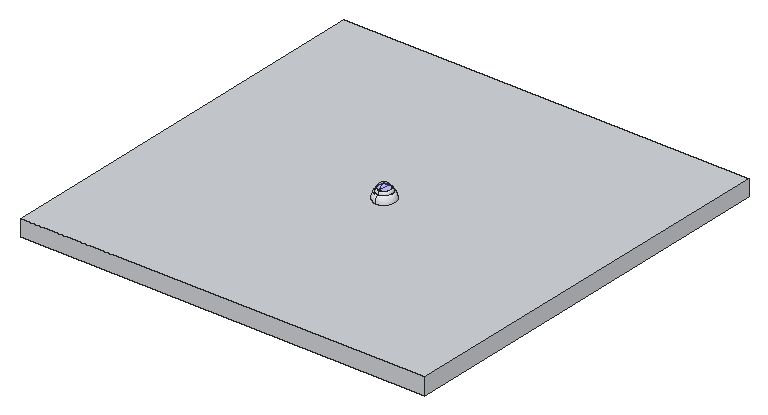
Revit family "BEG-92740", category Dispositifs d'éclairage, Revit 2015
Parameters
  Detection zone [instance] = yes
  Seat area [instance] = Height position < 351 cm  # yes
  URL = "http://www.luxomat.com/en-92740"
  Type of output = "SWITCH"
  Ambiant temperature = "-25°C to +50°C"
  Ref = "92740"
  Relay = "16A"
  Height position [instance] = 250 cm
  Direct Range [instance] = Height position * 3.2  # 800 cm
  Transversal range [instance] = Height position * 9.6  # 2400 cm
  Modèle = "PD4-M-3C-TRIO-SM"
  Installation type = "Ceiling"
  Brand = "LUXOMAT"
  Image du type = 92751.jpg
  IP = "20"
  Mounting height max = Installation height max  # 350 cm
  Installation height max = 350 cm
  Fabricant = "B.E.G"
  Label [instance] = yes
  Default Elevation = 0 cm
  Consumption = "0,58W"
  Commentaires du type = "Occupancy detector PD4-M-3C-TRIO-SM"
  Code d'assemblage = "D5010200"
  Class = "2"
  Switching power LED = "300W"
  Switching power Cos ɸ =1 = "3000W"
  Switching power Cos ɸ =0,5 = "1500VA"
  Power voltage = "110-240 V AC"
  Seated activity [instance] = Height position * 2.56  # 640 cm
Reference planes (cm)
  plane 1 "Centre (avant/arrière)": y = 0
  plane 2: z = 0
  plane 3 "Centre (gauche/droite)": x = 0
Forms (cm)
  Extrusion 1, solid
    sketch origin (0, 0, 0) x (1, 0, 0) y (0, 1, 0)
      loop
        line (-121.92, 121.92) -> (-121.92, -121.92) -> (121.92, -121.92) -> (121.92, 121.92) -> (-121.92, 121.92)
    from 0 to -10
Dimensions and locks (cm)
  aligned and locked: plane 2 to Extrusion 1
  aligned and locked: level to Extrusion 1
  aligned and locked: nested 2 to plane 2
Nested families (cm)
  nested 1: "Famille1" at (0, -72.6659, 0) x (-1, 0, 0) z (0, 0, 1), reference <- "Ref", modele <- "Modèle", visible <- "Label", type "Famille1"
    with reference "92740", modele "PD4-M-3C-TRIO-SM"
  nested 2: "M17" at (0, 0, 0), type "Standard"
  nested 3: "zone H" at (0, 0, 0) x (-1, 0, 0) z (0, 0, 1), visible <- "Detection zone", biais <- "Transversal range", frontal <- "Direct Range", activité assise <- "Seated activity", Zone assise <- "Seat area", type "zone H"
    with position 2 320 cm, position 1 960 cm, frontal 800 cm, biais 2400 cm, activité assise 640 cm, Zone assise yes
  nested 4: "Plafond 360° 2D" at (0, 0, 0), type "Plafond 360° 2D"
Connectors (cm)
  electrical at (0, 0, 0)
    settings: on nested 2, index 1, voltage 240 V, apparent load 0 VA, apparent load phase1 0 VA, apparent load phase2 0 VA, apparent load phase3 0 VA, power factor 1, load classification "Eclairage", number of poles 1, system type 31, power factor state 1, is connector primary yes, connector utility no, sub classification motor no, connector description ""
Definition of nested family "M17"
  Reference planes (cm)
    plane 1 "Centre (avant/arrière)": y = 0
    plane 2: z = 0
    plane 3 "Centre (gauche/droite)": x = 0
    plane 4: x = 0
  Forms (cm)
    Revolve 1, solid
      sketch origin (0, 0, 0) x (0, -1, 0) y (0, 0, 1)
        loop
          line (0, 0) -> (0, 5.75) -> (-3.85, 5.75)
          arc (-3.85, 5.75) -> (-4.2917, 5.0342) -> (-4.4, 4.2) r 2
          line (-4.4, 4.2) -> (-5.05, 4.2)
          arc (-5.05, 4.2) -> (-6.0341, 2.212) -> (-6.2, 0) r 5.8
          line (-6.2, 0) -> (0, 0)
        axis (0, 0) -> (0, 5.75)
      angle from 0 to 360
    Revolve 2, solid
      sketch origin (0, 0, 0) x (0, -1, 0) y (0, 0, 1)
        loop
          arc (0, 8.5) -> (-2.2453, 7.7321) -> (-3.55, 5.75) r 3.6664
          line (-3.55, 5.75) -> (0, 5.75) -> (0, 8.5)
        axis (0, 5.75) -> (0, 8.5)
      angle from 0 to 360
  Lines and regions (cm)
    reference lines
      curve 1: line (0, 0, 0) -> (0, 0, 8.5)
      curve 2: line (0, 0, 5.75) -> (0, 3.85, 5.75)
      curve 3: arc (0, 3.85, 5.75) -> (0, 4.2917, 5.0342) -> (0, 4.4, 4.2) r 2
      curve 4: line (0, 4.4, 4.2) -> (0, 5.05, 4.2)
      curve 5: arc (0, 5.05, 4.2) -> (0, 6.0341, 2.212) -> (0, 6.2, 0) r 5.8
      curve 6: line (0, 0, 0) -> (0, 6.2, 0)
      curve 7: arc (0, 0, 8.5) -> (0, 2.2453, 7.7321) -> (0, 3.55, 5.75) r 3.6664
      curve 8: line (0, 3.55, 5.75) -> (0, 0, 5.75)
      curve 9: line (0, 0, 8.5) -> (0, 0, 5.75)
      curve 10: line (0, 0, 0) -> (0, 0, 8.5)
  Dimensions and locks (cm)
    aligned and locked: level to plane 2
    aligned and locked: Revolve 1 sketch curve to curve 1  (x2)
    aligned and locked: Revolve 1 sketch curve to curve 2
    aligned and locked: Revolve 1 sketch curve to curve 3
    aligned and locked: Revolve 1 sketch curve to curve 4
    aligned and locked: Revolve 1 sketch curve to curve 5
    aligned and locked: Revolve 1 sketch curve to curve 6
    aligned and locked: Revolve 2 sketch curve to curve 7
    aligned and locked: Revolve 2 sketch curve to curve 8
    aligned and locked: Revolve 2 sketch curve to curve 9
    aligned and locked: Revolve 2 sketch curve to curve 10
Definition of nested family "Famille1"
  Parameters (values of type "Famille1")
    reference [instance] = ""
    modele [instance] = ""
  Reference planes (cm)
    plane 1: y = 0
    plane 2: x = 0
  Text (cm)
    label "reference\n\nmodele" at (0.0074, 0.0451, 0), shows "reference", "modele"
Definition of nested family "zone H"
  Parameters (values of type "zone H")
    position 2 [instance] = (frontal / 2) * 0.8  # 320 cm
    position 1 [instance] = (biais / 2) * 0.8  # 960 cm
    frontal [instance] = 800 cm
    biais [instance] = 2400 cm
    activité assise [instance] = 640 cm
    Zone assise [instance] = yes
  Reference planes (cm)
    plane 1 "Centre (avant/arrière)": y = 0
    plane 2: z = 0
    plane 3 "Centre (gauche/droite)": x = 0
    plane 4: x = -960
    plane 5: y = -320
  Lines and regions (cm)
    detail lines, in view "Niveau de réf.", visible <- "Zone assise"
      curve 1: circle (0, 0, 0) r 320 normal (0, 0, 1)
      curve 4: spline (-105.2767, 3.2118, 0) -> (-104.9106, 3.0586, 0) -> (-103.8375, 2.9158, 0) -> (-102.1303, 2.7932, 0) -> (-99.9055, 2.6991, 0) -> (-97.3146, 2.6399, 0) -> (-94.5343, 2.6198, 0) -> (-91.7539, 2.6399, 0) -> (-89.163, 2.6991, 0) -> (-86.9382, 2.7932, 0) -> (-85.231, 2.9158, 0) -> (-84.1579, 3.0586, 0) -> (-83.7918, 3.2118, 0) -> (-84.1579, 3.365, 0) -> (-85.231, 3.5078, 0) -> (-86.9382, 3.6305, 0) -> (-89.163, 3.7245, 0) -> (-91.7539, 3.7837, 0) -> (-94.5343, 3.8039, 0) -> (-97.3146, 3.7837, 0) -> (-99.9055, 3.7245, 0) -> (-102.1303, 3.6305, 0) -> (-103.8375, 3.5078, 0) -> (-104.9106, 3.365, 0) -> (-105.2767, 3.2118, 0)
      curve 5: line (-105.2767, 3.2118, 0) -> (-103.7271, 3.5181, 0)
      curve 6: arc (-102.6495, -16.5888, 0) -> (-107.2915, -17.186, 0) -> (-111.6311, -18.9388, 0) r 18.3388
      curve 7: arc (-111.6311, -18.9388, 0) -> (-111.6982, -19.0046, 0) -> (-111.7229, -19.0953, 0) r 0.1799
      curve 8: arc (-102.4571, -17.1805, 0) -> (-106.7473, -17.5804, 0) -> (-110.8538, -18.8852, 0) r 20.1051
      curve 9: arc (-110.8538, -18.8852, 0) -> (-111.0396, -18.979, 0) -> (-111.2122, -19.0953, 0) r 1.6679
      curve 10: circle (-111.4676, -19.8292, 0) r 0.5096 normal (0, 0, 1)
      curve 11: arc (-110.898, -19.8292, 0) -> (-111.4676, -19.2597, 0) -> (-112.0372, -19.8292, 0) r 0.5696
      curve 12: arc (-110.838, -19.8292, 0) -> (-111.4676, -19.1997, 0) -> (-112.0972, -19.8292, 0) r 0.6296
      curve 13: arc (-86.4191, -16.5888, 0) -> (-81.7771, -17.186, 0) -> (-77.4374, -18.9388, 0) r 18.3388
      curve 14: arc (-77.4374, -18.9388, 0) -> (-77.3704, -19.0046, 0) -> (-77.3456, -19.0953, 0) r 0.1799
      curve 15: arc (-86.6114, -17.1805, 0) -> (-82.3212, -17.5804, 0) -> (-78.2147, -18.8852, 0) r 20.1051
      curve 16: arc (-78.2147, -18.8852, 0) -> (-78.0289, -18.979, 0) -> (-77.8563, -19.0953, 0) r 1.6679
      curve 17: circle (-77.6009, -19.8292, 0) r 0.5096 normal (0, 0, 1)
      curve 18: arc (-77.0314, -19.8292, 0) -> (-77.6009, -19.2597, 0) -> (-78.1705, -19.8292, 0) r 0.5696
      curve 19: arc (-76.9714, -19.8292, 0) -> (-77.6009, -19.1997, 0) -> (-78.2305, -19.8292, 0) r 0.6296
      curve 20: arc (-95.2593, -16.5888, 0) -> (-98.9871, -17.441, 0) -> (-102.5056, -18.9388, 0) r 21.5424
      curve 21: arc (-102.5056, -18.9388, 0) -> (-102.5726, -19.0046, 0) -> (-102.5974, -19.0953, 0) r 0.1799
      curve 22: arc (-95.2593, -17.1805, 0) -> (-98.5536, -17.8061, 0) -> (-101.7283, -18.8852, 0) r 23.9713
      curve 23: arc (-101.7283, -18.8852, 0) -> (-101.911, -18.9772, 0) -> (-102.081, -19.0909, 0) r 1.6679
      curve 24: arc (-95.0229, -17.1805, 0) -> (-98.2689, -17.8294, 0) -> (-101.4063, -18.8852, 0) r 26.0219
      curve 25: arc (-101.4063, -18.8852, 0) -> (-101.592, -18.979, 0) -> (-101.7647, -19.0953, 0) r 1.6679
      curve 26: circle (-102.181, -19.8292, 0) r 0.5096 normal (0, 0, 1)
      curve 27: arc (-101.6114, -19.8292, 0) -> (-102.181, -19.2597, 0) -> (-102.7506, -19.8292, 0) r 0.5696
      curve 28: arc (-101.5514, -19.8292, 0) -> (-102.181, -19.1997, 0) -> (-102.8106, -19.8292, 0) r 0.6296
      curve 29: arc (-93.8092, -16.5888, 0) -> (-90.0814, -17.441, 0) -> (-86.5629, -18.9388, 0) r 21.5424
      curve 30: arc (-86.5629, -18.9388, 0) -> (-86.4959, -19.0046, 0) -> (-86.4711, -19.0953, 0) r 0.1799
      curve 31: arc (-93.8092, -17.1805, 0) -> (-90.5149, -17.8061, 0) -> (-87.3402, -18.8852, 0) r 23.9713
      curve 32: arc (-87.3402, -18.8852, 0) -> (-87.1544, -18.979, 0) -> (-86.9818, -19.0953, 0) r 1.6679
      curve 33: arc (-94.0457, -17.1805, 0) -> (-90.7996, -17.8294, 0) -> (-87.6622, -18.8852, 0) r 26.0219
      curve 34: arc (-87.6622, -18.8852, 0) -> (-87.4765, -18.979, 0) -> (-87.3039, -19.0953, 0) r 1.6679
      curve 35: circle (-86.8875, -19.8292, 0) r 0.5096 normal (0, 0, 1)
      curve 36: arc (-86.3179, -19.8292, 0) -> (-86.8875, -19.2597, 0) -> (-87.4571, -19.8292, 0) r 0.5696
      curve 37: arc (-86.2579, -19.8292, 0) -> (-86.8875, -19.1997, 0) -> (-87.5171, -19.8292, 0) r 0.6296
      curve 38: arc (-103.0079, 8.8705, 0) -> (-101.8776, 5.8173, 0) -> (-98.8653, 4.5819, 0) r 4.0512
      curve 39: arc (-83.7186, 4.2269, 0) -> (-82.9538, 3.7817, 0) -> (-82.7946, 2.9112, 0) r 1.0582
      curve 40: arc (-82.7946, 2.9112, 0) -> (-84.0889, -6.227, 0) -> (-84.0703, -15.4564, 0) r 64.7189
      curve 41: arc (-84.0703, -15.4564, 0) -> (-83.933, -16.0031, 0) -> (-83.4527, -16.2981, 0) r 0.7467
      curve 42: arc (-83.4527, -16.2981, 0) -> (-80.3714, -16.8717, 0) -> (-77.238, -16.9405, 0) r 19.3577
      curve 43: arc (-77.238, -16.9405, 0) -> (-77.6363, -16.4391, 0) -> (-78.2461, -16.244, 0) r 1.1013
      curve 44: arc (-78.2461, -16.244, 0) -> (-80.4274, -15.8096, 0) -> (-82.5587, -15.1742, 0) r 23.8747
      curve 45: arc (-82.5587, -15.1742, 0) -> (-81.6045, -6.5488, 0) -> (-80.848, 2.0961, 0) r 379.1961
      curve 46: arc (-80.848, 2.0961, 0) -> (-81.0708, 4.8418, 0) -> (-83.0581, 6.7494, 0) r 3.8846
      curve 47: arc (-83.0581, 6.7494, 0) -> (-89.2141, 8.8147, 0) -> (-95.6542, 9.6431, 0) r 33.2193
      curve 48: arc (-95.6542, 9.6431, 0) -> (-94.8516, 17.305, 0) -> (-94.8609, 25.0089, 0) r 72.9952
      curve 49: arc (-95.1116, 28.28, 0) -> (-95.2196, 29.2958, 0) -> (-95.3418, 30.31, 0) r 72.9952
      curve 50: arc (-98.1747, 30.0752, 0) -> (-100.3426, 29.2913, 0) -> (-99.4886, 27.1501, 0) r 1.6042
      curve 51: arc (-95.3418, 30.31, 0) -> (-98.7298, 32.2574, 0) -> (-102.1179, 30.31, 0) r 3.9209
      curve 52: arc (-68.8418, 20.3177, 0) -> (-68.8537, 20.2265, 0) -> (-68.9411, 20.2549, 0) r 0.0597
      curve 53: arc (-70.9776, 20.5408, 0) -> (-70.9496, 20.3832, 0) -> (-71.1082, 20.3621, 0) r 0.1108
      curve 54: spline (-98.8908, 41.6409, 0) -> (-97.9793, 41.5103, 0) -> (-97.1229, 41.0855, 0) -> (-96.38, 40.3954, 0) -> (-95.8012, 39.4871, 0) -> (-95.426, 38.4224, 0) -> (-95.2799, 37.274, 0) -> (-95.3728, 36.12, 0) -> (-95.6985, 35.0392, 0) -> (-96.2348, 34.1051, 0) -> (-96.945, 33.3815, 0) -> (-97.7809, 32.9176, 0) -> (-98.6854, 32.7451, 0) -> (-99.5969, 32.8757, 0) -> (-100.4532, 33.3005, 0) -> (-101.1961, 33.9906, 0) -> (-101.7749, 34.8989, 0) -> (-102.1502, 35.9636, 0) -> (-102.2963, 37.112, 0) -> (-102.2033, 38.266, 0) -> (-101.8776, 39.3468, 0) -> (-101.3414, 40.2809, 0) -> (-100.6311, 41.0045, 0) -> (-99.7953, 41.4684, 0) -> (-98.8908, 41.6409, 0)
      curve 55: line (-74.1608, -20.3388, 0) -> (-33.3759, -20.3388, 0)
      curve 56: line (-33.3759, -20.3388, 0) -> (-33.3759, 18.6681, 0)
      curve 57: line (-33.3759, 18.6681, 0) -> (-74.1608, 18.6681, 0)
      curve 58: line (-74.1608, 18.6681, 0) -> (-74.1608, -20.3388, 0)
      curve 59: line (-74.1608, -20.3388, 0) -> (-120.7181, -20.3388, 0)
      curve 60: line (-80.1025, 18.6681, 0) -> (-27.4342, 18.6681, 0)
      curve 61: line (-27.4342, 18.6681, 0) -> (-27.4342, 20.1345, 0)
      curve 62: line (-27.4342, 20.1345, 0) -> (-80.1025, 20.1345, 0)
      curve 63: line (-80.1025, 20.1345, 0) -> (-80.1025, 18.6681, 0)
      curve 64: line (-95.5223, 2.6198, 0) -> (-93.5462, 2.6198, 0)
      curve 65: line (-93.5462, 2.6198, 0) -> (-93.5462, -16.5888, 0)
      curve 66: line (-93.5462, -16.5888, 0) -> (-95.5223, -16.5888, 0)
      curve 67: line (-95.5223, -16.5888, 0) -> (-95.5223, 2.6198, 0)
      curve 68: line (-95.5223, -16.5888, 0) -> (-102.6495, -16.5888, 0)
      curve 69: line (-111.7229, -19.0953, 0) -> (-111.2122, -19.0953, 0)
      curve 70: line (-93.8092, -16.5888, 0) -> (-94.0457, -17.1805, 0)
      curve 71: line (-94.0457, -17.1805, 0) -> (-93.8092, -17.1805, 0)
      curve 72: line (-93.8092, -17.1805, 0) -> (-94.5343, -17.1805, 0)
      curve 73: line (-94.5343, -17.1805, 0) -> (-95.2593, -17.1805, 0)
      curve 74: line (-95.2593, -17.1805, 0) -> (-95.0229, -17.1805, 0)
      curve 75: line (-95.0229, -17.1805, 0) -> (-95.2593, -16.5888, 0)
      curve 76: line (-98.1226, -17.1805, 0) -> (-102.4571, -17.1805, 0)
      curve 77: line (-112.0372, -19.8292, 0) -> (-112.0972, -19.8292, 0)
      curve 78: line (-110.898, -19.8292, 0) -> (-110.838, -19.8292, 0)
      curve 79: line (-111.3676, -19.2076, 0) -> (-111.3676, -19.0953, 0)
      curve 80: line (-111.5676, -19.2076, 0) -> (-111.5676, -19.0953, 0)
      curve 81: line (-93.5462, -16.5888, 0) -> (-86.4191, -16.5888, 0)
      curve 82: line (-77.3456, -19.0953, 0) -> (-77.8563, -19.0953, 0)
      curve 83: line (-90.9459, -17.1805, 0) -> (-86.6114, -17.1805, 0)
      curve 84: line (-77.0314, -19.8292, 0) -> (-76.9714, -19.8292, 0)
      curve 85: line (-78.1705, -19.8292, 0) -> (-78.2305, -19.8292, 0)
      curve 86: line (-77.7009, -19.2076, 0) -> (-77.7009, -19.0953, 0)
      curve 87: line (-77.5009, -19.2076, 0) -> (-77.5009, -19.0953, 0)
      curve 88: line (-102.5974, -19.0953, 0) -> (-101.7647, -19.0953, 0)
      curve 89: line (-102.7506, -19.8292, 0) -> (-102.8106, -19.8292, 0)
      curve 90: line (-101.6114, -19.8292, 0) -> (-101.5514, -19.8292, 0)
      curve 91: line (-102.081, -19.2076, 0) -> (-102.081, -19.0909, 0)
      curve 92: line (-102.281, -19.2076, 0) -> (-102.281, -19.0953, 0)
      curve 93: line (-86.4711, -19.0953, 0) -> (-87.3039, -19.0953, 0)
      curve 94: line (-86.3179, -19.8292, 0) -> (-86.2579, -19.8292, 0)
      curve 95: line (-87.4571, -19.8292, 0) -> (-87.5171, -19.8292, 0)
      curve 96: line (-86.9875, -19.2076, 0) -> (-86.9875, -19.0953, 0)
      curve 97: line (-86.7875, -19.2076, 0) -> (-86.7875, -19.0953, 0)
      curve 98: line (-98.8653, 4.5819, 0) -> (-83.7186, 4.2269, 0)
      curve 99: line (-103.0079, 8.8705, 0) -> (-102.1179, 30.31, 0)
      curve 100: line (-98.1747, 30.0752, 0) -> (-85.3255, 22.5448, 0)
      curve 101: line (-85.3255, 22.5448, 0) -> (-74.2929, 21.667, 0)
      curve 102: line (-74.2929, 21.667, 0) -> (-71.6033, 21.7219, 0)
      curve 103: line (-71.6033, 21.7219, 0) -> (-69.7371, 21.2829, 0)
      curve 104: line (-69.7371, 21.2829, 0) -> (-68.8418, 20.3177, 0)
      curve 105: line (-68.9411, 20.2549, 0) -> (-69.7808, 21.0896, 0)
      curve 106: line (-69.7808, 21.0896, 0) -> (-71.6115, 21.2989, 0)
      curve 107: line (-71.6115, 21.2989, 0) -> (-72.0159, 21.0248, 0)
      curve 108: line (-72.0159, 21.0248, 0) -> (-70.9776, 20.5408, 0)
      curve 109: line (-71.1082, 20.3621, 0) -> (-72.6656, 20.8949, 0)
      curve 110: line (-72.6656, 20.8949, 0) -> (-74.496, 20.6558, 0)
      curve 111: line (-74.496, 20.6558, 0) -> (-86.0144, 20.9158, 0)
      curve 112: line (-86.0144, 20.9158, 0) -> (-99.4886, 27.1501, 0)
      curve 113: line (-99.8644, 32.9741, 0) -> (-99.9944, 32.0479, 0)
      curve 114: line (-97.5142, 33.0301, 0) -> (-97.3718, 32.0147, 0)
      curve 115: line (-33.3759, -20.3388, 0) -> (-21.8014, -20.3388, 0)
    detail lines, in view "Niveau de réf."
      curve 2: circle (0, 0, 0) r 400 normal (0, 0, 1)
      curve 3: circle (0, 0, 0) r 1200 normal (0, 0, 1)
      curve 116: spline (2.3068, -347.7265, 0) -> (4.0856, -347.3949, 0) -> (5.7432, -346.4226, 0) -> (7.1667, -344.876, 0) -> (8.2589, -342.8603, 0) -> (8.9455, -340.5131, 0) -> (9.1797, -337.9942, 0) -> (8.9455, -335.4753, 0) -> (8.2589, -333.1281, 0) -> (7.1667, -331.1125, 0) -> (5.7432, -329.5658, 0) -> (4.0856, -328.5936, 0) -> (2.3068, -328.262, 0) -> (0.5279, -328.5936, 0) -> (-1.1297, -329.5658, 0) -> (-2.5531, -331.1125, 0) -> (-3.6453, -333.1281, 0) -> (-4.3319, -335.4753, 0) -> (-4.5661, -337.9942, 0) -> (-4.3319, -340.5131, 0) -> (-3.6453, -342.8603, 0) -> (-2.5531, -344.876, 0) -> (-1.1297, -346.4226, 0) -> (0.5279, -347.3949, 0) -> (2.3068, -347.7265, 0)
      curve 117: line (-4.7649, -335.0929, 0) -> (0.5136, -347.9212, 0)
      curve 118: line (3.5648, -348.0775, 0) -> (9.2455, -334.5266, 0)
      curve 119: line (-0.3759, -328.4588, 0) -> (-3.0011, -330.8806, 0)
      curve 120: line (3.5053, -348.5045, 0) -> (6.62, -348.3756, 0)
      curve 121: line (1.7304, -348.3525, 0) -> (3.5053, -348.5045, 0)
      curve 122: line (-4.7649, -335.0929, 0) -> (0.5136, -347.9212, 0)
      curve 123: line (-21.1936, -335.3894, 0) -> (-24.4202, -337.3623, 0)
      curve 124: line (-21.1936, -335.3894, 0) -> (-24.4202, -337.3623, 0)
      curve 125: line (-0.3759, -328.4588, 0) -> (-3.0011, -330.8806, 0)
      curve 126: line (1.7304, -348.3525, 0) -> (6.62, -348.3756, 0)
      curve 127: line (3.5648, -348.0775, 0) -> (9.2455, -334.5266, 0)
      curve 128: line (0, -320, 0) -> (0, -289.0788, 0)
      curve 129: line (0, -289.0788, 0) -> (0, -280.7814, 0)
      curve 130: spline (-957.6932, -27.7265, 0) -> (-955.9144, -27.3949, 0) -> (-954.2568, -26.4226, 0) -> (-952.8333, -24.876, 0) -> (-951.7411, -22.8603, 0) -> (-951.0545, -20.5131, 0) -> (-950.8203, -17.9942, 0) -> (-951.0545, -15.4753, 0) -> (-951.7411, -13.1281, 0) -> (-952.8333, -11.1125, 0) -> (-954.2568, -9.5658, 0) -> (-955.9144, -8.5936, 0) -> (-957.6932, -8.262, 0) -> (-959.4721, -8.5936, 0) -> (-961.1297, -9.5658, 0) -> (-962.5531, -11.1125, 0) -> (-963.6453, -13.1281, 0) -> (-964.3319, -15.4753, 0) -> (-964.5661, -17.9942, 0) -> (-964.3319, -20.5131, 0) -> (-963.6453, -22.8603, 0) -> (-962.5531, -24.876, 0) -> (-961.1297, -26.4226, 0) -> (-959.4721, -27.3949, 0) -> (-957.6932, -27.7265, 0)
      curve 131: line (-964.7649, -15.0929, 0) -> (-959.4864, -27.9212, 0)
      curve 132: line (-956.4352, -28.0775, 0) -> (-950.7545, -14.5266, 0)
      curve 133: line (-960.3759, -8.4588, 0) -> (-963.0011, -10.8806, 0)
      curve 134: line (-956.4947, -28.5045, 0) -> (-953.38, -28.3756, 0)
      curve 135: line (-958.2696, -28.3525, 0) -> (-956.4947, -28.5045, 0)
      curve 136: line (-964.7649, -15.0929, 0) -> (-959.4864, -27.9212, 0)
      curve 137: line (-981.1936, -15.3894, 0) -> (-984.4202, -17.3623, 0)
      curve 138: line (-981.1936, -15.3894, 0) -> (-984.4202, -17.3623, 0)
      curve 139: line (-960.3759, -8.4588, 0) -> (-963.0011, -10.8806, 0)
      curve 140: line (-958.2696, -28.3525, 0) -> (-953.38, -28.3756, 0)
      curve 141: line (-956.4352, -28.0775, 0) -> (-950.7545, -14.5266, 0)
      curve 142: line (-960, 0, 0) -> (-960, 30.9212, 0)
      curve 143: line (-960, 30.9212, 0) -> (-960, 39.2186, 0)
    detail lines, in view "Niveau de réf.", visible <- "Zone assise", not visible
      curve 144: spline (925.976, -22.5654, 0) -> (926.342, -22.7186, 0) -> (927.4152, -22.8614, 0) -> (929.1224, -22.984, 0) -> (931.3472, -23.0781, 0) -> (933.938, -23.1373, 0) -> (936.7184, -23.1574, 0) -> (939.4987, -23.1373, 0) -> (942.0896, -23.0781, 0) -> (944.3144, -22.984, 0) -> (946.0216, -22.8614, 0) -> (947.0948, -22.7186, 0) -> (947.4608, -22.5654, 0) -> (947.0948, -22.4122, 0) -> (946.0216, -22.2694, 0) -> (944.3144, -22.1467, 0) -> (942.0896, -22.0527, 0) -> (939.4987, -21.9935, 0) -> (936.7184, -21.9733, 0) -> (933.938, -21.9935, 0) -> (931.3472, -22.0527, 0) -> (929.1224, -22.1467, 0) -> (927.4152, -22.2694, 0) -> (926.342, -22.4122, 0) -> (925.976, -22.5654, 0)
      curve 145: line (925.976, -22.5654, 0) -> (927.5256, -22.2591, 0)
      curve 146: arc (928.6032, -42.366, 0) -> (923.9612, -42.9632, 0) -> (919.6215, -44.716, 0) r 18.3388
      curve 147: arc (919.6215, -44.716, 0) -> (919.5545, -44.7818, 0) -> (919.5297, -44.8725, 0) r 0.1799
      curve 148: arc (928.7956, -42.9577, 0) -> (924.5053, -43.3576, 0) -> (920.3988, -44.6624, 0) r 20.1051
      curve 149: arc (920.3988, -44.6624, 0) -> (920.213, -44.7562, 0) -> (920.0404, -44.8725, 0) r 1.6679
      curve 150: circle (919.7851, -45.6065, 0) r 0.5096 normal (0, 0, 1)
      curve 151: arc (920.3547, -45.6065, 0) -> (919.7851, -45.0369, 0) -> (919.2155, -45.6065, 0) r 0.5696
      curve 152: arc (920.4147, -45.6065, 0) -> (919.7851, -44.9769, 0) -> (919.1555, -45.6065, 0) r 0.6296
      curve 153: arc (944.8336, -42.366, 0) -> (949.4756, -42.9632, 0) -> (953.8152, -44.716, 0) r 18.3388
      curve 154: arc (953.8152, -44.716, 0) -> (953.8823, -44.7818, 0) -> (953.907, -44.8725, 0) r 0.1799
      curve 155: arc (944.6412, -42.9577, 0) -> (948.9315, -43.3576, 0) -> (953.038, -44.6624, 0) r 20.1051
      curve 156: arc (953.038, -44.6624, 0) -> (953.2237, -44.7562, 0) -> (953.3964, -44.8725, 0) r 1.6679
      curve 157: circle (953.6517, -45.6065, 0) r 0.5096 normal (0, 0, 1)
      curve 158: arc (954.2213, -45.6065, 0) -> (953.6517, -45.0369, 0) -> (953.0821, -45.6065, 0) r 0.5696
      curve 159: arc (954.2813, -45.6065, 0) -> (953.6517, -44.9769, 0) -> (953.0221, -45.6065, 0) r 0.6296
      curve 160: arc (935.9933, -42.366, 0) -> (932.2655, -43.2182, 0) -> (928.7471, -44.716, 0) r 21.5424
      curve 161: arc (928.7471, -44.716, 0) -> (928.68, -44.7818, 0) -> (928.6553, -44.8725, 0) r 0.1799
      curve 162: arc (935.9933, -42.9577, 0) -> (932.6991, -43.5833, 0) -> (929.5243, -44.6624, 0) r 23.9713
      curve 163: arc (929.5243, -44.6624, 0) -> (929.3417, -44.7544, 0) -> (929.1716, -44.8681, 0) r 1.6679
      curve 164: arc (936.2298, -42.9577, 0) -> (932.9838, -43.6066, 0) -> (929.8464, -44.6624, 0) r 26.0219
      curve 165: arc (929.8464, -44.6624, 0) -> (929.6606, -44.7562, 0) -> (929.488, -44.8725, 0) r 1.6679
      curve 166: circle (929.0716, -45.6065, 0) r 0.5096 normal (0, 0, 1)
      curve 167: arc (929.6412, -45.6065, 0) -> (929.0716, -45.0369, 0) -> (928.502, -45.6065, 0) r 0.5696
      curve 168: arc (929.7012, -45.6065, 0) -> (929.0716, -44.9769, 0) -> (928.442, -45.6065, 0) r 0.6296
      curve 169: arc (937.4435, -42.366, 0) -> (941.1713, -43.2182, 0) -> (944.6897, -44.716, 0) r 21.5424
      curve 170: arc (944.6897, -44.716, 0) -> (944.7568, -44.7818, 0) -> (944.7815, -44.8725, 0) r 0.1799
      curve 171: arc (937.4435, -42.9577, 0) -> (940.7377, -43.5833, 0) -> (943.9124, -44.6624, 0) r 23.9713
      curve 172: arc (943.9124, -44.6624, 0) -> (944.0982, -44.7562, 0) -> (944.2708, -44.8725, 0) r 1.6679
      curve 173: arc (937.207, -42.9577, 0) -> (940.453, -43.6066, 0) -> (943.5904, -44.6624, 0) r 26.0219
      curve 174: arc (943.5904, -44.6624, 0) -> (943.7762, -44.7562, 0) -> (943.9488, -44.8725, 0) r 1.6679
      curve 175: circle (944.3651, -45.6065, 0) r 0.5096 normal (0, 0, 1)
      curve 176: arc (944.9347, -45.6065, 0) -> (944.3651, -45.0369, 0) -> (943.7956, -45.6065, 0) r 0.5696
      curve 177: arc (944.9947, -45.6065, 0) -> (944.3651, -44.9769, 0) -> (943.7356, -45.6065, 0) r 0.6296
      curve 178: arc (928.2447, -16.9067, 0) -> (929.3751, -19.9599, 0) -> (932.3873, -21.1953, 0) r 4.0512
      curve 179: arc (947.5341, -21.5503, 0) -> (948.2989, -21.9955, 0) -> (948.4581, -22.866, 0) r 1.0582
      curve 180: arc (948.4581, -22.866, 0) -> (947.1637, -32.0042, 0) -> (947.1824, -41.2336, 0) r 64.7189
      curve 181: arc (947.1824, -41.2336, 0) -> (947.3196, -41.7803, 0) -> (947.8, -42.0753, 0) r 0.7467
      curve 182: arc (947.8, -42.0753, 0) -> (950.8812, -42.6489, 0) -> (954.0146, -42.7177, 0) r 19.3577
      curve 183: arc (954.0146, -42.7177, 0) -> (953.6164, -42.2163, 0) -> (953.0065, -42.0212, 0) r 1.1013
      curve 184: arc (953.0065, -42.0212, 0) -> (950.8253, -41.5868, 0) -> (948.6939, -40.9514, 0) r 23.8747
      curve 185: arc (948.6939, -40.9514, 0) -> (949.6481, -32.326, 0) -> (950.4047, -23.6811, 0) r 379.1961
      curve 186: arc (950.4047, -23.6811, 0) -> (950.1819, -20.9354, 0) -> (948.1945, -19.0278, 0) r 3.8846
      curve 187: arc (948.1945, -19.0278, 0) -> (942.0386, -16.9625, 0) -> (935.5985, -16.1341, 0) r 33.2193
      curve 188: arc (935.5985, -16.1341, 0) -> (936.4011, -8.4722, 0) -> (936.3918, -0.7683, 0) r 72.9952
      curve 189: arc (936.1411, 2.5028, 0) -> (936.0331, 3.5186, 0) -> (935.9108, 4.5328, 0) r 72.9952
      curve 190: arc (933.0779, 4.298, 0) -> (930.9101, 3.5141, 0) -> (931.7641, 1.3729, 0) r 1.6042
      curve 191: arc (935.9108, 4.5328, 0) -> (932.5228, 6.4802, 0) -> (929.1348, 4.5328, 0) r 3.9209
      curve 192: arc (962.4108, -5.4595, 0) -> (962.3989, -5.5507, 0) -> (962.3115, -5.5223, 0) r 0.0597
      curve 193: arc (960.275, -5.2364, 0) -> (960.303, -5.394, 0) -> (960.1444, -5.4151, 0) r 0.1108
      curve 194: spline (932.3619, 15.8637, 0) -> (933.2734, 15.7331, 0) -> (934.1297, 15.3083, 0) -> (934.8726, 14.6182, 0) -> (935.4514, 13.7099, 0) -> (935.8267, 12.6452, 0) -> (935.9728, 11.4968, 0) -> (935.8798, 10.3428, 0) -> (935.5541, 9.262, 0) -> (935.0179, 8.3279, 0) -> (934.3076, 7.6043, 0) -> (933.4718, 7.1404, 0) -> (932.5673, 6.9679, 0) -> (931.6558, 7.0985, 0) -> (930.7994, 7.5233, 0) -> (930.0565, 8.2134, 0) -> (929.4777, 9.1217, 0) -> (929.1025, 10.1864, 0) -> (928.9564, 11.3348, 0) -> (929.0493, 12.4888, 0) -> (929.375, 13.5696, 0) -> (929.9113, 14.5037, 0) -> (930.6215, 15.2273, 0) -> (931.4574, 15.6912, 0) -> (932.3619, 15.8637, 0)
      curve 195: line (957.0918, -46.116, 0) -> (997.8768, -46.116, 0)
      curve 196: line (997.8768, -46.116, 0) -> (997.8768, -7.1091, 0)
      curve 197: line (997.8768, -7.1091, 0) -> (957.0918, -7.1091, 0)
      curve 198: line (957.0918, -7.1091, 0) -> (957.0918, -46.116, 0)
      curve 199: line (957.0918, -46.116, 0) -> (910.5345, -46.116, 0)
      curve 200: line (951.1501, -7.1091, 0) -> (1003.8185, -7.1091, 0)
      curve 201: line (1003.8185, -7.1091, 0) -> (1003.8185, -5.6427, 0)
      curve 202: line (1003.8185, -5.6427, 0) -> (951.1501, -5.6427, 0)
      curve 203: line (951.1501, -5.6427, 0) -> (951.1501, -7.1091, 0)
      curve 204: line (935.7304, -23.1574, 0) -> (937.7064, -23.1574, 0)
      curve 205: line (937.7064, -23.1574, 0) -> (937.7064, -42.366, 0)
      curve 206: line (937.7064, -42.366, 0) -> (935.7304, -42.366, 0)
      curve 207: line (935.7304, -42.366, 0) -> (935.7304, -23.1574, 0)
      curve 208: line (935.7304, -42.366, 0) -> (928.6032, -42.366, 0)
      curve 209: line (919.5297, -44.8725, 0) -> (920.0404, -44.8725, 0)
      curve 210: line (937.4435, -42.366, 0) -> (937.207, -42.9577, 0)
      curve 211: line (937.207, -42.9577, 0) -> (937.4435, -42.9577, 0)
      curve 212: line (937.4435, -42.9577, 0) -> (936.7184, -42.9577, 0)
      curve 213: line (936.7184, -42.9577, 0) -> (935.9933, -42.9577, 0)
      curve 214: line (935.9933, -42.9577, 0) -> (936.2298, -42.9577, 0)
      curve 215: line (936.2298, -42.9577, 0) -> (935.9933, -42.366, 0)
      curve 216: line (933.13, -42.9577, 0) -> (928.7956, -42.9577, 0)
      curve 217: line (919.2155, -45.6065, 0) -> (919.1555, -45.6065, 0)
      curve 218: line (920.3547, -45.6065, 0) -> (920.4147, -45.6065, 0)
      curve 219: line (919.8851, -44.9848, 0) -> (919.8851, -44.8725, 0)
      curve 220: line (919.6851, -44.9848, 0) -> (919.6851, -44.8725, 0)
      curve 221: line (937.7064, -42.366, 0) -> (944.8336, -42.366, 0)
      curve 222: line (953.907, -44.8725, 0) -> (953.3964, -44.8725, 0)
      curve 223: line (940.3068, -42.9577, 0) -> (944.6412, -42.9577, 0)
      curve 224: line (954.2213, -45.6065, 0) -> (954.2813, -45.6065, 0)
      curve 225: line (953.0821, -45.6065, 0) -> (953.0221, -45.6065, 0)
      curve 226: line (953.5517, -44.9848, 0) -> (953.5517, -44.8725, 0)
      curve 227: line (953.7517, -44.9848, 0) -> (953.7517, -44.8725, 0)
      curve 228: line (928.6553, -44.8725, 0) -> (929.488, -44.8725, 0)
      curve 229: line (928.502, -45.6065, 0) -> (928.442, -45.6065, 0)
      curve 230: line (929.6412, -45.6065, 0) -> (929.7012, -45.6065, 0)
      curve 231: line (929.1716, -44.9848, 0) -> (929.1716, -44.8681, 0)
      curve 232: line (928.9716, -44.9848, 0) -> (928.9716, -44.8725, 0)
      curve 233: line (944.7815, -44.8725, 0) -> (943.9488, -44.8725, 0)
      curve 234: line (944.9347, -45.6065, 0) -> (944.9947, -45.6065, 0)
      curve 235: line (943.7956, -45.6065, 0) -> (943.7356, -45.6065, 0)
      curve 236: line (944.2651, -44.9848, 0) -> (944.2651, -44.8725, 0)
      curve 237: line (944.4651, -44.9848, 0) -> (944.4651, -44.8725, 0)
      curve 238: line (932.3873, -21.1953, 0) -> (947.5341, -21.5503, 0)
      curve 239: line (928.2447, -16.9067, 0) -> (929.1348, 4.5328, 0)
      curve 240: line (933.0779, 4.298, 0) -> (945.9271, -3.2324, 0)
      curve 241: line (945.9271, -3.2324, 0) -> (956.9598, -4.1102, 0)
      curve 242: line (956.9598, -4.1102, 0) -> (959.6493, -4.0553, 0)
      curve 243: line (959.6493, -4.0553, 0) -> (961.5155, -4.4943, 0)
      curve 244: line (961.5155, -4.4943, 0) -> (962.4108, -5.4595, 0)
      curve 245: line (962.3115, -5.5223, 0) -> (961.4719, -4.6876, 0)
      curve 246: line (961.4719, -4.6876, 0) -> (959.6412, -4.4783, 0)
      curve 247: line (959.6412, -4.4783, 0) -> (959.2367, -4.7524, 0)
      curve 248: line (959.2367, -4.7524, 0) -> (960.275, -5.2364, 0)
      curve 249: line (960.1444, -5.4151, 0) -> (958.5871, -4.8823, 0)
      curve 250: line (958.5871, -4.8823, 0) -> (956.7566, -5.1214, 0)
      curve 251: line (956.7566, -5.1214, 0) -> (945.2383, -4.8614, 0)
      curve 252: line (945.2383, -4.8614, 0) -> (931.7641, 1.3729, 0)
      curve 253: line (931.3882, 7.1969, 0) -> (931.2583, 6.2707, 0)
      curve 254: line (933.7384, 7.2529, 0) -> (933.8809, 6.2375, 0)
      curve 255: line (997.8768, -46.116, 0) -> (1009.4512, -46.116, 0)
    detail lines, in view "Niveau de réf.", not visible
      curve 256: spline (630.3724, -48.277, 0) -> (632.1512, -47.9453, 0) -> (633.8088, -46.9731, 0) -> (635.2323, -45.4264, 0) -> (636.3245, -43.4108, 0) -> (637.0111, -41.0636, 0) -> (637.2453, -38.5447, 0) -> (637.0111, -36.0258, 0) -> (636.3245, -33.6786, 0) -> (635.2323, -31.663, 0) -> (633.8088, -30.1163, 0) -> (632.1512, -29.1441, 0) -> (630.3724, -28.8124, 0) -> (628.5935, -29.1441, 0) -> (626.9359, -30.1163, 0) -> (625.5125, -31.663, 0) -> (624.4202, -33.6786, 0) -> (623.7336, -36.0258, 0) -> (623.4995, -38.5447, 0) -> (623.7336, -41.0636, 0) -> (624.4202, -43.4108, 0) -> (625.5125, -45.4264, 0) -> (626.9359, -46.9731, 0) -> (628.5935, -47.9453, 0) -> (630.3724, -48.277, 0)
      curve 257: line (623.3007, -35.6434, 0) -> (628.5792, -48.4717, 0)
      curve 258: line (631.6303, -48.628, 0) -> (637.311, -35.0771, 0)
      curve 259: line (627.6897, -29.0093, 0) -> (625.0645, -31.4311, 0)
      curve 260: line (631.5709, -49.055, 0) -> (634.6856, -48.9261, 0)
      curve 261: line (629.7959, -48.903, 0) -> (631.5709, -49.055, 0)
      curve 262: line (623.3007, -35.6434, 0) -> (628.5792, -48.4717, 0)
      curve 263: line (606.872, -35.9399, 0) -> (603.6454, -37.9127, 0)
      curve 264: line (606.872, -35.9399, 0) -> (603.6454, -37.9127, 0)
      curve 265: line (627.6897, -29.0093, 0) -> (625.0645, -31.4311, 0)
      curve 266: line (629.7959, -48.903, 0) -> (634.6856, -48.9261, 0)
      curve 267: line (631.6303, -48.628, 0) -> (637.311, -35.0771, 0)
      curve 268: line (628.0656, -20.5505, 0) -> (628.0656, 10.3707, 0)
      curve 269: line (628.0656, 10.3707, 0) -> (628.0656, 18.6681, 0)
      curve 270: spline (1030.3724, -260.777, 0) -> (1032.1512, -260.4453, 0) -> (1033.8088, -259.4731, 0) -> (1035.2323, -257.9264, 0) -> (1036.3245, -255.9108, 0) -> (1037.0111, -253.5636, 0) -> (1037.2453, -251.0447, 0) -> (1037.0111, -248.5258, 0) -> (1036.3245, -246.1786, 0) -> (1035.2323, -244.163, 0) -> (1033.8088, -242.6163, 0) -> (1032.1512, -241.6441, 0) -> (1030.3724, -241.3124, 0) -> (1028.5935, -241.6441, 0) -> (1026.9359, -242.6163, 0) -> (1025.5125, -244.163, 0) -> (1024.4202, -246.1786, 0) -> (1023.7336, -248.5258, 0) -> (1023.4995, -251.0447, 0) -> (1023.7336, -253.5636, 0) -> (1024.4202, -255.9108, 0) -> (1025.5125, -257.9264, 0) -> (1026.9359, -259.4731, 0) -> (1028.5935, -260.4453, 0) -> (1030.3724, -260.777, 0)
      curve 271: line (1023.3007, -248.1434, 0) -> (1028.5792, -260.9717, 0)
      curve 272: line (1031.6303, -261.128, 0) -> (1037.311, -247.5771, 0)
      curve 273: line (1027.6897, -241.5093, 0) -> (1025.0645, -243.9311, 0)
      curve 274: line (1031.5709, -261.555, 0) -> (1034.6856, -261.4261, 0)
      curve 275: line (1029.7959, -261.403, 0) -> (1031.5709, -261.555, 0)
      curve 276: line (1023.3007, -248.1434, 0) -> (1028.5792, -260.9717, 0)
      curve 277: line (1006.872, -248.4399, 0) -> (1003.6454, -250.4127, 0)
      curve 278: line (1006.872, -248.4399, 0) -> (1003.6454, -250.4127, 0)
      curve 279: line (1027.6897, -241.5093, 0) -> (1025.0645, -243.9311, 0)
      curve 280: line (1029.7959, -261.403, 0) -> (1034.6856, -261.4261, 0)
      curve 281: line (1031.6303, -261.128, 0) -> (1037.311, -247.5771, 0)
      curve 282: line (1028.0656, -233.0505, 0) -> (1028.0656, -202.1293, 0)
      curve 283: line (1028.0656, -202.1293, 0) -> (1028.0656, -193.8319, 0)
  Text (cm)
    text "2" at (0.4332, -361.3743, 0), in view "Niveau de réf."
    text "1" at (-959.5668, -41.3743, 0), in view "Niveau de réf."
    text "1" at (628.4988, -61.9248, 0), in view "Niveau de réf.", not visible
    text "2" at (1028.4988, -274.4248, 0), in view "Niveau de réf.", not visible
  Dimensions and locks (cm)
    "position 1": plane 4 to plane 3 "Centre (gauche/droite)"
    "position 2": plane 5 to plane 1 "Centre (avant/arrière)"
    "activité assise": diameter of curve 1
    "biais": diameter of curve 3
    "frontal": diameter of curve 2
    aligned and locked: curve 142 to plane 1 "Centre (avant/arrière)"
    aligned and locked: curve 128 to plane 3 "Centre (gauche/droite)"
    aligned and locked: plane 4 to curve 142
    aligned and locked: plane 5 to curve 128
  Automatic sketch dimensions
    curve 1 to curve 2 = 0 cm  (x2)
    curve 1 to curve 3 = 0 cm  (x2)
    curve 2 to curve 3 = 0 cm  (x2)
    plane 1 "Centre (avant/arrière)" to curve 2 = 0 cm
    curve 2 to plane 3 "Centre (gauche/droite)" = 0 cm
Definition of nested family "Plafond 360° 2D"
  Reference planes (cm)
    plane 1: y = 0
    plane 2: x = 0
  Lines and regions (cm)
    Filled region 1, type "rouge"
      outline origin (0, 0, 0) x (1, 0, 0) y (0, 1, 0)
        loop
          circle (0, 0) r 0.0294
    detail lines
      curve 1: arc (-0.1732, 0.1, 0) -> (-0.2, 0, 0) -> (-0.1732, -0.1, 0) r 0.2
      curve 2: arc (-0.1, -0.1732, 0) -> (0, -0.2, 0) -> (0.1, -0.1732, 0) r 0.2
      curve 3: arc (0.1732, -0.1, 0) -> (0.2, 0, 0) -> (0.1732, 0.1, 0) r 0.2
      curve 4: arc (0.1, 0.1732, 0) -> (0, 0.2, 0) -> (-0.1, 0.1732, 0) r 0.2
      curve 5: arc (-0.1375, 0.0794, 0) -> (-0.1588, 0, 0) -> (-0.1375, -0.0794, 0) r 0.1588
      curve 6: arc (-0.0794, -0.1375, 0) -> (0, -0.1588, 0) -> (0.0794, -0.1375, 0) r 0.1588
      curve 7: arc (0.1375, -0.0794, 0) -> (0.1588, 0, 0) -> (0.1375, 0.0794, 0) r 0.1588
      curve 8: arc (0.0794, 0.1375, 0) -> (0, 0.1588, 0) -> (-0.0794, 0.1375, 0) r 0.1588
      curve 9: arc (-0.1019, 0.0588, 0) -> (-0.1176, 0, 0) -> (-0.1019, -0.0588, 0) r 0.1176
      curve 10: arc (-0.0588, -0.1019, 0) -> (0, -0.1176, 0) -> (0.0588, -0.1019, 0) r 0.1176
      curve 11: arc (0.1019, -0.0588, 0) -> (0.1176, 0, 0) -> (0.1019, 0.0588, 0) r 0.1176
      curve 12: arc (0.0588, 0.1019, 0) -> (0, 0.1176, 0) -> (-0.0588, 0.1019, 0) r 0.1176
      curve 13: arc (-0.0294, 0, 0) -> (0, -0.0294, 0) -> (0.0294, 0, 0) r 0.0294
      curve 14: arc (0.0294, 0, 0) -> (0, 0.0294, 0) -> (-0.0294, 0, 0) r 0.0294
